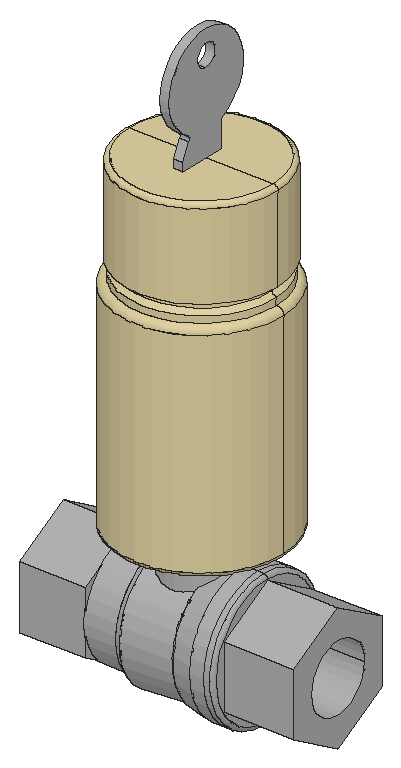
Revit family "QH13510000", category Apparecchi idraulici, Revit 2020
Family settings
  Quota connettore circolare = Usa diametro
  Tipo di parte = Normale
  Numero OmniClass = 23.45.00.00
  Titolo OmniClass = Sanitary, Laundry, and Cleaning Equipment
  Basato su piano di lavoro = No
  Sempre verticale = Sì
  Taglio con vuoti quando caricato = No
  Condiviso = No
  Punto di calcolo locali = No
Parameters
  URL = "https://web.cimberio.com/index.php/figura/728?subcategoria_id=63"
  Temperatura di esercizio = "-20 ÷ 150°C"
  Prospetto di default = 0 mm
  Produttore = "CIMBERIO SPA"
  Pressione nominale = "PN 80 (1/2\"); PN 50 (3/4\" ÷ 1\"); PN 40 (1\"1/4)"
  Modello = "Cim B12"
  Materiale = "Prodotto in lega di ottone conforme alla norma EN 12165-CW617N-DW"
  Descrizione = "Utilizzato nei più svariati settori dell'impiantistica: impianti di riscaldamento, condizionamento, idrici, igienico-sanitari e in generale con ogni fluido non corrosivo.\r\nParticolarmente indicato come valvola  per la regolazione e contabilizzazione di impianti di riscaldamento singoli o a zone, impianti con utilizzazione di energie alternative, impianti con fluidi caldi o freddi e impianti di automazione in genere"
  DN Model [instance] = QH13511015 : QH13511015
  DN [instance] = 15 mm
  Commenti sul tipo = "Realizzato in ottemperanza ai requisiti gestionali della norma EN ISO 9001.\r\nCollaudato al 100% secondo la normativa EN 12266-1"
Reference planes
  plane 1 "Centro (Fronte/Retro)": y = 0
  plane 2: z = 0
  plane 3 "Centro (Sinistra/Destra)": x = 0
Dimensions and locks
  aligned and locked: level to plane 2
Nested families
  nested 1: "QH13511015" at (0, 0, 0), type <- "DN Model", type "QH13511015"
  nested 2: "QH13511015" at (0, 0, 0), type <- "DN Model", type "QH13511015"
  nested 3: "QH13511015" at (0, 0, 0), type <- "DN Model", type "QH13511015"
  nested 4: "QH13511015" at (0, 0, 0), type <- "DN Model", type "QH13511015"
Connectors
  piping at (30.3, 0, 0), diameter 15, driven by "DN"
    settings: on nested 1, index 1, connector inside diameter 609.6 mm, connector length 0 mm, flow factor 0, pipe flow 0.0 L/s, pressure drop 0.0 Pa, fitting loss kfactor 0, connector angle 0.00°, fixture units 0, engagement length 0 mm, angle of deflection 0.00°, flow configuration 0, flow direction 0, fitting loss method 0, system type 7, joint type 0, gender type 0, connector reference index -1, connector utility 0, adjustable connector no, is connector primary yes, connector description ""
  piping at (-30.6, 0, 0), diameter 15, driven by "DN"
    settings: on nested 1, index 2, connector inside diameter 609.6 mm, connector length 0 mm, flow factor 0, pipe flow 0.0 L/s, pressure drop 0.0 Pa, fitting loss kfactor 0, connector angle 0.00°, fixture units 0, engagement length 0 mm, angle of deflection 0.00°, flow configuration 0, flow direction 0, fitting loss method 0, system type 7, joint type 0, gender type 0, connector reference index -1, connector utility 0, adjustable connector no, is connector primary no, connector description ""
Definition of nested family "QH13511015"
  Parameters (values of type "QH13511015")
    Default Elevation = 0 mm
  Reference planes
    plane 1 "Centro (Fronte/Retro)": y = 0
    plane 2: z = 0
    plane 3 "Centro (Sinistra/Destra)": x = 0
  Forms (mm)
    Revolve 1, solid
      sketch origin (0, 0, 0) x (1, 0, 0) y (0, 0, 1)
        loop
          line (-16, 12.545) -> (-16, 9.095) -> (14.6, 9.095) -> (14.6, 14.095)
          arc (14.6, 14.095) -> (14.382, 14.662) -> (13.91, 15.045) r 1.176
          line (13.91, 15.045) -> (12.6, 15.045) -> (9.467, 15.045) -> (4.921, 14.045)
          arc (4.921, 14.045) -> (4.581, 13.814) -> (4.277, 13.537) r 2.89
          arc (4.277, 13.537) -> (-1.302, 13.666) -> (-6.853, 14.231) r 71.332
          arc (-6.853, 14.231) -> (-7.421, 13.882) -> (-8.038, 13.628) r 4.2
          arc (-8.038, 13.628) -> (-8.419, 13.04) -> (-8.914, 12.545) r 3.326
          line (-8.914, 12.545) -> (-16, 12.545)
        axis (-16, 0) -> (14.6, 0)
      angle from 0 to 360
    Extrusion 2, solid
      sketch origin (-16, 0, 0) x (0, 0, 1) y (0, 1, 0)
        loop
          circle (0, 0) r 7.5
        loop
          line (-14, 0) -> (-7, -12.124) -> (7, -12.124) -> (14, 0) -> (7, 12.124) -> (-7, 12.124) -> (-14, 0)
      from 0 to 14.6
    Extrusion 3, solid
      sketch origin (16, 0, 0) x (0, 0, 1) y (0, -1, 0)
        loop
          circle (0, 0) r 7.5
        loop
          line (-14, 0) -> (-7, -12.124) -> (7, -12.124) -> (14, 0) -> (7, 12.124) -> (-7, 12.124) -> (-14, 0)
      from -1.4 to 14.3
    Extrusion 4, solid
      sketch origin (0, 0, 28.55) x (1, 0, 0) y (0, 1, 0)
        loop
          circle (0, 0) r 8.45
        loop
          circle (0, 0) r 6.348
      from -20.832 to 5.337
    Extrusion 5, solid
      sketch origin (0, 0, 0) x (1, 0, 0) y (0, 0, 1)
        loop
          line (-13, 26.345) -> (-13, 21.045) -> (-11, 19.89) -> (-11, 11.799) -> (-6.613, 11.799) -> (-6.613, 26.345) -> (-13, 26.345)
      from 0 to 1.497
    Revolve 6, solid
      sketch origin (0, 0, -2.533) x (1, 0, 0) y (0, 0, 1)
        loop
          line (10.291, 22.3) -> (17.75, 22.3)
          arc (17.75, 22.3) -> (18.1, 22.587) -> (18.25, 23.014) r 0.842
          line (18.25, 23.014) -> (18.25, 70.3)
          arc (18.25, 70.3) -> (17.719, 71.453) -> (16.498, 71.8) r 1.518
          line (16.498, 71.8) -> (16.5, 73.3) -> (15.5, 74.3) -> (15.5, 75.8) -> (17, 75.8) -> (17, 94.8)
          arc (17, 94.8) -> (16.707, 95.507) -> (16, 95.8) r 1
          line (16, 95.8) -> (0, 95.8) -> (0, 29.057) -> (10.291, 29.057) -> (10.291, 22.3)
        axis (0, 95.8) -> (0, 22.3)
      angle from 0 to 360
    Extrusion 7, solid
      sketch origin (-0.019, 51.037, 54.986) x (0, 0, 1) y (0.000364, -1, 0)
        loop
          line (38.28, 57.338) -> (38.28, 47.002) -> (43.63, 47.002)
          arc (43.63, 47.002) -> (44.157, 46.852) -> (44.526, 46.446) r 1
          arc (44.526, 46.446) -> (63.954, 50.68) -> (44.828, 56.118) r 10.25
          arc (44.828, 56.118) -> (44.264, 55.664) -> (43.541, 55.709) r 1
          line (43.541, 55.709) -> (40.024, 57.338) -> (38.28, 57.338)
        loop
          circle (58.709, 51) r 2.5
      from -1 to 1
  Cuts and joins
    joined: Revolve 1, Extrusion 4, Extrusion 5
  Dimensions and locks
    aligned and locked: level to plane 2
